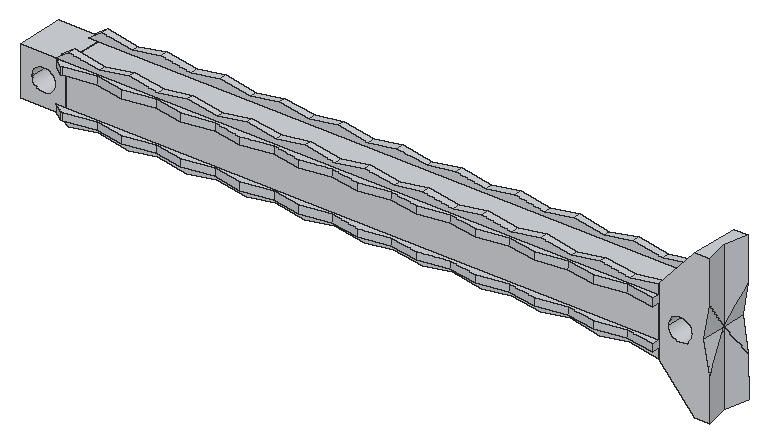
Revit family
Parameters
  URL = "www.siouxchief.com"
  Model = "521-725"
  Manufacturer = "Sioux Chief Manufacturing"
  Keynote = "Bracket"
  Description = "Bracket"
Reference planes (in)
  plane 1 "Center (Front/Back)": y = 0
  plane 2: z = 0
  plane 3 "Center (Left/Right)": x = 0
Forms (in)
  Extrusion 1, solid
    sketch origin (-5, 1.42848, -1.28318) x (0, 1, 0) y (0, 0, 1)
      loop
        line (-1.97483, 0.99863) -> (-1.97483, 0.87363) -> (-1.83783, 0.87363) -> (-1.83783, 0.71683) -> (-1.71283, 0.71683) -> (-1.71283, 0.87363) -> (-1.14413, 0.87363) -> (-1.14413, 0.71683) -> (-1.01913, 0.71683) -> (-1.01913, 0.87363) -> (-0.88213, 0.87363) -> (-0.88213, 0.99863) -> (-1.01913, 0.99863) -> (-1.01913, 1.56774) -> (-0.88213, 1.56774) -> (-0.88213, 1.69274) -> (-1.01913, 1.69274) -> (-1.01913, 1.84954) -> (-1.14413, 1.84954) -> (-1.14413, 1.69274) -> (-1.71283, 1.69274) -> (-1.71283, 1.84954) -> (-1.83783, 1.84954) -> (-1.83783, 1.69274) -> (-1.97483, 1.69274) -> (-1.97483, 1.56774) -> (-1.83783, 1.56774) -> (-1.83783, 0.99863) -> (-1.97483, 0.99863)
    from -0.23 to 10
  Extrusion 2, void
    sketch origin (-9.4493, 0.25, 1.25) x (1, 0, 0) y (0, 1, 0)
      loop
        line (4.4493, 0.29635) -> (4.9493, 0.20975) -> (5.4493, 0.29635) -> (4.4493, 0.29635)
    from -1.81635 to -0.68365
  Extrusion 3, void
    sketch origin (-8.4493, 0.25, 1.25) x (1, 0, 0) y (0, 1, 0)
      loop
        line (4.4493, 0.29635) -> (4.9493, 0.20975) -> (5.4493, 0.29635) -> (4.4493, 0.29635)
    from -1.81635 to -0.68365
  Extrusion 4, void
    sketch origin (-7.4493, 0.25, 1.25) x (1, 0, 0) y (0, 1, 0)
      loop
        line (4.4493, 0.29635) -> (4.9493, 0.20975) -> (5.4493, 0.29635) -> (4.4493, 0.29635)
    from -1.81635 to -0.68365
  Extrusion 5, void
    sketch origin (-6.4493, 0.25, 1.25) x (1, 0, 0) y (0, 1, 0)
      loop
        line (4.4493, 0.29635) -> (4.9493, 0.20975) -> (5.4493, 0.29635) -> (4.4493, 0.29635)
    from -1.81635 to -0.68365
  Extrusion 6, void
    sketch origin (-4.4493, 0.25, 1.25) x (1, 0, 0) y (0, 1, 0)
      loop
        line (4.4493, 0.29635) -> (4.9493, 0.20975) -> (5.4493, 0.29635) -> (4.4493, 0.29635)
    from -1.81635 to -0.68365
  Extrusion 7, void
    sketch origin (-1.4493, 0.25, 1.25) x (1, 0, 0) y (0, 1, 0)
      loop
        line (4.4493, 0.29635) -> (4.9493, 0.20975) -> (5.4493, 0.29635) -> (4.4493, 0.29635)
    from -1.81635 to -0.68365
  Extrusion 8, void
    sketch origin (-2.4493, 0.25, 1.25) x (1, 0, 0) y (0, 1, 0)
      loop
        line (4.4493, 0.29635) -> (4.9493, 0.20975) -> (5.4493, 0.29635) -> (4.4493, 0.29635)
    from -1.81635 to -0.68365
  Extrusion 9, void
    sketch origin (-3.4493, 0.25, 1.25) x (1, 0, 0) y (0, 1, 0)
      loop
        line (4.4493, 0.29635) -> (4.9493, 0.20975) -> (5.4493, 0.29635) -> (4.4493, 0.29635)
    from -1.81635 to -0.68365
  Extrusion 10, void
    sketch origin (-5.4493, 0.25, 1.25) x (1, 0, 0) y (0, 1, 0)
      loop
        line (4.4493, 0.29635) -> (4.9493, 0.20975) -> (5.4493, 0.29635) -> (4.4493, 0.29635)
    from -1.81635 to -0.68365
  Extrusion 11, void
    sketch origin (-8.4493, -0.25, 1.25) x (1, 0, 0) y (0, 1, 0)
      loop
        line (4.4493, -0.29635) -> (5.4493, -0.29635) -> (4.9493, -0.20975) -> (4.4493, -0.29635)
    from -1.81635 to -0.68365
  Extrusion 12, void
    sketch origin (-7.4493, -0.25, 1.25) x (1, 0, 0) y (0, 1, 0)
      loop
        line (4.4493, -0.29635) -> (5.4493, -0.29635) -> (4.9493, -0.20975) -> (4.4493, -0.29635)
    from -1.81635 to -0.68365
  Extrusion 13, void
    sketch origin (-6.4493, -0.25, 1.25) x (1, 0, 0) y (0, 1, 0)
      loop
        line (4.4493, -0.29635) -> (5.4493, -0.29635) -> (4.9493, -0.20975) -> (4.4493, -0.29635)
    from -1.81635 to -0.68365
  Extrusion 14, void
    sketch origin (-4.4493, -0.25, 1.25) x (1, 0, 0) y (0, 1, 0)
      loop
        line (4.4493, -0.29635) -> (5.4493, -0.29635) -> (4.9493, -0.20975) -> (4.4493, -0.29635)
    from -1.81635 to -0.68365
  Extrusion 15, void
    sketch origin (-1.4493, -0.25, 1.25) x (1, 0, 0) y (0, 1, 0)
      loop
        line (4.4493, -0.29635) -> (5.4493, -0.29635) -> (4.9493, -0.20975) -> (4.4493, -0.29635)
    from -1.81635 to -0.68365
  Extrusion 16, void
    sketch origin (-2.4493, -0.25, 1.25) x (1, 0, 0) y (0, 1, 0)
      loop
        line (4.4493, -0.29635) -> (5.4493, -0.29635) -> (4.9493, -0.20975) -> (4.4493, -0.29635)
    from -1.81635 to -0.68365
  Extrusion 17, void
    sketch origin (-3.4493, -0.25, 1.25) x (1, 0, 0) y (0, 1, 0)
      loop
        line (4.4493, -0.29635) -> (5.4493, -0.29635) -> (4.9493, -0.20975) -> (4.4493, -0.29635)
    from -1.81635 to -0.68365
  Extrusion 18, void
    sketch origin (-5.4493, -0.25, 1.25) x (1, 0, 0) y (0, 1, 0)
      loop
        line (4.4493, -0.29635) -> (5.4493, -0.29635) -> (4.9493, -0.20975) -> (4.4493, -0.29635)
    from -1.81635 to -0.68365
  Extrusion 19, void
    sketch origin (-9.4493, -0.25, 1.25) x (1, 0, 0) y (0, 1, 0)
      loop
        line (4.4493, -0.29635) -> (5.4493, -0.29635) -> (4.9493, -0.20975) -> (4.4493, -0.29635)
    from -1.81635 to -0.68365
  Extrusion 20, void
    sketch origin (-9.4493, -1.25, 0.25) x (1, 0, 0) y (0, 0, 1)
      loop
        line (4.9493, 0.22928) -> (5.45205, 0.31635) -> (5.45205, 0.35402) -> (4.4493, 0.35402) -> (4.4493, 0.31588) -> (4.9493, 0.22928)
    from -1.81635 to -0.68365
  Extrusion 21, void
    sketch origin (-7.4493, -1.25, 0.25) x (1, 0, 0) y (0, 0, 1)
      loop
        line (4.9493, 0.22928) -> (5.45205, 0.31635) -> (5.45205, 0.35402) -> (4.4493, 0.35402) -> (4.4493, 0.31588) -> (4.9493, 0.22928)
    from -1.81635 to -0.68365
  Extrusion 22, void
    sketch origin (-5.4493, -1.25, 0.25) x (1, 0, 0) y (0, 0, 1)
      loop
        line (4.9493, 0.22928) -> (5.45205, 0.31635) -> (5.45205, 0.35402) -> (4.4493, 0.35402) -> (4.4493, 0.31588) -> (4.9493, 0.22928)
    from -1.81635 to -0.68365
  Extrusion 23, void
    sketch origin (-3.4493, -1.25, 0.25) x (1, 0, 0) y (0, 0, 1)
      loop
        line (4.9493, 0.22928) -> (5.45205, 0.31635) -> (5.45205, 0.35402) -> (4.4493, 0.35402) -> (4.4493, 0.31588) -> (4.9493, 0.22928)
    from -1.81635 to -0.68365
  Extrusion 24, void
    sketch origin (-1.4493, -1.25, 0.25) x (1, 0, 0) y (0, 0, 1)
      loop
        line (4.9493, 0.22928) -> (5.45205, 0.31635) -> (5.45205, 0.35402) -> (4.4493, 0.35402) -> (4.4493, 0.31588) -> (4.9493, 0.22928)
    from -1.81635 to -0.68365
  Extrusion 25, void
    sketch origin (-9.4493, -1.25, -0.25) x (1, 0, 0) y (0, 0, 1)
      loop
        line (4.9493, -0.22928) -> (4.4493, -0.31588) -> (4.4493, -0.35402) -> (5.45205, -0.35402) -> (5.45205, -0.31635) -> (4.9493, -0.22928)
    from -1.81635 to -0.68365
  Extrusion 26, void
    sketch origin (-7.4493, -1.25, -0.25) x (1, 0, 0) y (0, 0, 1)
      loop
        line (4.9493, -0.22928) -> (4.4493, -0.31588) -> (4.4493, -0.35402) -> (5.45205, -0.35402) -> (5.45205, -0.31635) -> (4.9493, -0.22928)
    from -1.81635 to -0.68365
  Extrusion 27, void
    sketch origin (-5.4493, -1.25, -0.25) x (1, 0, 0) y (0, 0, 1)
      loop
        line (4.9493, -0.22928) -> (4.4493, -0.31588) -> (4.4493, -0.35402) -> (5.45205, -0.35402) -> (5.45205, -0.31635) -> (4.9493, -0.22928)
    from -1.81635 to -0.68365
  Extrusion 28, void
    sketch origin (-3.4493, -1.25, -0.25) x (1, 0, 0) y (0, 0, 1)
      loop
        line (4.9493, -0.22928) -> (4.4493, -0.31588) -> (4.4493, -0.35402) -> (5.45205, -0.35402) -> (5.45205, -0.31635) -> (4.9493, -0.22928)
    from -1.81635 to -0.68365
  Extrusion 29, void
    sketch origin (-1.4493, -1.25, -0.25) x (1, 0, 0) y (0, 0, 1)
      loop
        line (4.9493, -0.22928) -> (4.4493, -0.31588) -> (4.4493, -0.35402) -> (5.45205, -0.35402) -> (5.45205, -0.31635) -> (4.9493, -0.22928)
    from -1.81635 to -0.68365
  Extrusion 30, void
    sketch origin (0, -0.211, 0) x (0, 0, 1) y (-1, 0, 0)
      loop
        line (0.56635, 3.99725) -> (0.48768, 3.5) -> (0.56635, 3.00275) -> (0.64363, 3.00275) -> (0.64363, 3.99725) -> (0.56635, 3.99725)
    from -0.77735 to 0.33535
  Extrusion 31, void
    sketch origin (2, -0.211, 0) x (0, 0, 1) y (-1, 0, 0)
      loop
        line (0.56635, 3.99725) -> (0.48768, 3.5) -> (0.56635, 3.00275) -> (0.64363, 3.00275) -> (0.64363, 3.99725) -> (0.56635, 3.99725)
    from -0.77735 to 0.33535
  Extrusion 32, void
    sketch origin (4, -0.211, 0) x (0, 0, 1) y (-1, 0, 0)
      loop
        line (0.56635, 3.99725) -> (0.48768, 3.5) -> (0.56635, 3.00275) -> (0.64363, 3.00275) -> (0.64363, 3.99725) -> (0.56635, 3.99725)
    from -0.77735 to 0.33535
  Extrusion 33, void
    sketch origin (6, -0.211, 0) x (0, 0, 1) y (-1, 0, 0)
      loop
        line (0.56635, 3.99725) -> (0.48768, 3.5) -> (0.56635, 3.00275) -> (0.64363, 3.00275) -> (0.64363, 3.99725) -> (0.56635, 3.99725)
    from -0.77735 to 0.33535
  Extrusion 34, void
    sketch origin (8, -0.211, 0) x (0, 0, 1) y (-1, 0, 0)
      loop
        line (0.56635, 3.99725) -> (0.48768, 3.5) -> (0.56635, 3.00275) -> (0.64363, 3.00275) -> (0.64363, 3.99725) -> (0.56635, 3.99725)
    from -0.77735 to 0.33535
  Extrusion 35, void
    sketch origin (0, -0.211, 0) x (0, 0, -1) y (1, 0, 0)
      loop
        line (0.56635, -3.99725) -> (0.64363, -3.99725) -> (0.64363, -3.00275) -> (0.56635, -3.00275) -> (0.48768, -3.5) -> (0.56635, -3.99725)
    from -0.77735 to 0.33535
  Extrusion 36, void
    sketch origin (2, -0.211, 0) x (0, 0, -1) y (1, 0, 0)
      loop
        line (0.56635, -3.99725) -> (0.64363, -3.99725) -> (0.64363, -3.00275) -> (0.56635, -3.00275) -> (0.48768, -3.5) -> (0.56635, -3.99725)
    from -0.77735 to 0.33535
  Extrusion 37, void
    sketch origin (4, -0.211, 0) x (0, 0, -1) y (1, 0, 0)
      loop
        line (0.56635, -3.99725) -> (0.64363, -3.99725) -> (0.64363, -3.00275) -> (0.56635, -3.00275) -> (0.48768, -3.5) -> (0.56635, -3.99725)
    from -0.77735 to 0.33535
  Extrusion 38, void
    sketch origin (6, -0.211, 0) x (0, 0, -1) y (1, 0, 0)
      loop
        line (0.56635, -3.99725) -> (0.64363, -3.99725) -> (0.64363, -3.00275) -> (0.56635, -3.00275) -> (0.48768, -3.5) -> (0.56635, -3.99725)
    from -0.77735 to 0.33535
  Extrusion 39, void
    sketch origin (8, -0.211, 0) x (0, 0, -1) y (1, 0, 0)
      loop
        line (0.56635, -3.99725) -> (0.64363, -3.99725) -> (0.64363, -3.00275) -> (0.56635, -3.00275) -> (0.48768, -3.5) -> (0.56635, -3.99725)
    from -0.77735 to 0.33535
  Extrusion 40, solid
    sketch origin (-5.23, 1.42848, -1.28318) x (0, -1, 0) y (0, 0, 1)
      loop
        line (1.01913, 1.69274) -> (1.01913, 0.87363) -> (1.83783, 0.87363) -> (1.83783, 1.69274) -> (1.01913, 1.69274)
    from -0.16279 to 0.6003
  Extrusion 41, void
    sketch origin (0, 0, -0.211) x (-1, 0, 0) y (0, -1, 0)
      loop
        line (5.00275, 0.56635) -> (5.23, 0.40955) -> (5.28893, 0.40955) -> (5.28893, 0.59494) -> (5.00275, 0.59966) -> (5.00275, 0.56635)
    from -0.43263 to 0.85463
  Extrusion 42, void
    sketch origin (0, -0.211, 0) x (0, 0, -1) y (1, 0, 0)
      loop
        line (0.56635, -5.00275) -> (0.40955, -5.23) -> (0.40955, -5.28893) -> (0.59494, -5.28893) -> (0.59966, -5.00275) -> (0.56635, -5.00275)
    from -0.75735 to 0.33535
  Extrusion 43, void
    sketch origin (0, 0, -0.211) x (1, 0, 0) y (0, 1, 0)
      loop
        line (-5.00275, 0.56635) -> (-5.00275, 0.59966) -> (-5.28893, 0.59494) -> (-5.28893, 0.40955) -> (-5.23, 0.40955) -> (-5.00275, 0.56635)
    from -0.43263 to 0.85463
  Extrusion 44, void
    sketch origin (0, -0.211, 0) x (0, 0, 1) y (-1, 0, 0)
      loop
        line (0.56635, 5.00275) -> (0.59966, 5.00275) -> (0.59494, 5.28893) -> (0.40955, 5.28893) -> (0.40955, 5.23) -> (0.56635, 5.00275)
    from -0.75735 to 0.33535
  Extrusion 45, void
    sketch origin (0.4, -0.211, 0) x (0, 0, 1) y (-1, 0, 0)
      loop
        circle (0, 5.8303) r 0.2
    from -0.62035 to 0.19835
  Extrusion 46, solid
    sketch origin (0, -0.211, 0) x (0, 0, 1) y (-1, 0, 0)
      loop
        line (1.24945, -5.6081) -> (0.56635, -5) -> (-0.56635, -5) -> (-1.24945, -5.6081) -> (-1.24945, -5.8581) -> (-0.5331, -5.8581) -> (0, -5.7641) -> (0.5331, -5.8581) -> (1.24945, -5.8581) -> (1.24945, -5.6081)
    from -0.62035 to 0.19835
  Extrusion 47, void
    sketch origin (-0.4493, 0.25, 1.25) x (1, 0, 0) y (0, 1, 0)
      loop
        line (4.4493, 0.29635) -> (4.9493, 0.20975) -> (5.4493, 0.29635) -> (4.4493, 0.29635)
    from -1.81635 to -0.68365
  Extrusion 48, void
    sketch origin (-0.4493, -0.25, 1.25) x (1, 0, 0) y (0, 1, 0)
      loop
        line (4.4493, -0.29635) -> (5.4493, -0.29635) -> (4.9493, -0.20975) -> (4.4493, -0.29635)
    from -1.81635 to -0.68365
  Extrusion 49, void
    sketch origin (-0.4, -0.211, 0) x (0, 0, 1) y (-1, 0, 0)
      loop
        circle (0, -5.7641) r 0.2
    from -0.62035 to 0.19835
  Extrusion 50, void
    sketch origin (-9.4493, 0.25, 1.25) x (1, 0, 0) y (0, 1, 0)
      loop
        line (15.3074, 0.15935) -> (15.2134, -0.25) -> (15.3074, -0.65935) -> (15.3074, 0.15935)
    from -2.49945 to -0.00055
Cuts and joins
  Extrusion 2, Extrusion 3, Extrusion 4, Extrusion 5, Extrusion 6, Extrusion 7, Extrusion 8, Extrusion 9, Extrusion 10, Extrusion 11, Extrusion 12, Extrusion 13, Extrusion 14, Extrusion 15, Extrusion 16, Extrusion 17, Extrusion 18, Extrusion 19, Extrusion 20, Extrusion 21, Extrusion 22, Extrusion 23, Extrusion 24, Extrusion 25, Extrusion 26, Extrusion 27, Extrusion 28, Extrusion 29, Extrusion 30, Extrusion 31, Extrusion 32, Extrusion 33, Extrusion 34, Extrusion 35, Extrusion 36, Extrusion 37, Extrusion 38, Extrusion 39, Extrusion 41, Extrusion 42, Extrusion 43, Extrusion 44, Extrusion 47, Extrusion 48 cuts Extrusion 1
  Extrusion 41, Extrusion 42, Extrusion 43, Extrusion 44, Extrusion 45 cuts Extrusion 40
  Extrusion 49, Extrusion 50 cuts Extrusion 46
Dimensions and locks (in)
  aligned and locked: plane 2 to level
  aligned and locked: Extrusion 1 to Extrusion 2  (x2)
  aligned and locked: Extrusion 40 sketch curve to cut or joined group 1 (Extrusion 1, Extrusion 2, Extrusion 3, Extrusion 4, Extrusion 5, Extrusion 6, Extrusion 7, Extrusion 8, Extrusion 9, Extrusion 10, Extrusion 11, Extrusion 12, Extrusion 13, Extrusion 14, Extrusion 15, Extrusion 16, Extrusion 17, Extrusion 18, Extrusion 19, Extrusion 20, Extrusion 21, Extrusion 22, Extrusion 23, Extrusion 24, Extrusion 25, Extrusion 26, Extrusion 27, Extrusion 28, Extrusion 29, Extrusion 30, Extrusion 31, Extrusion 32, Extrusion 33, Extrusion 34, Extrusion 35, Extrusion 36, Extrusion 37, Extrusion 38, Extrusion 39, Extrusion 41, Extrusion 42, Extrusion 43, Extrusion 44, Extrusion 47, Extrusion 48)  (x4)
  aligned: Extrusion 1 to Extrusion 41  (x2)
  aligned and locked: Extrusion 41 to Extrusion 30
  aligned and locked: Extrusion 35 to Extrusion 41
  aligned and locked: Extrusion 46 to cut or joined group 1
  aligned and locked: cut or joined group 1 to Extrusion 46
  aligned and locked: cut or joined group 1 to Extrusion 49
  aligned and locked: Extrusion 49 to cut or joined group 1
  aligned and locked: Extrusion 50 to cut or joined group of Extrusion 46, Extrusion 49, Extrusion 50
  aligned and locked: cut or joined group of Extrusion 46, Extrusion 49, Extrusion 50 to Extrusion 50
